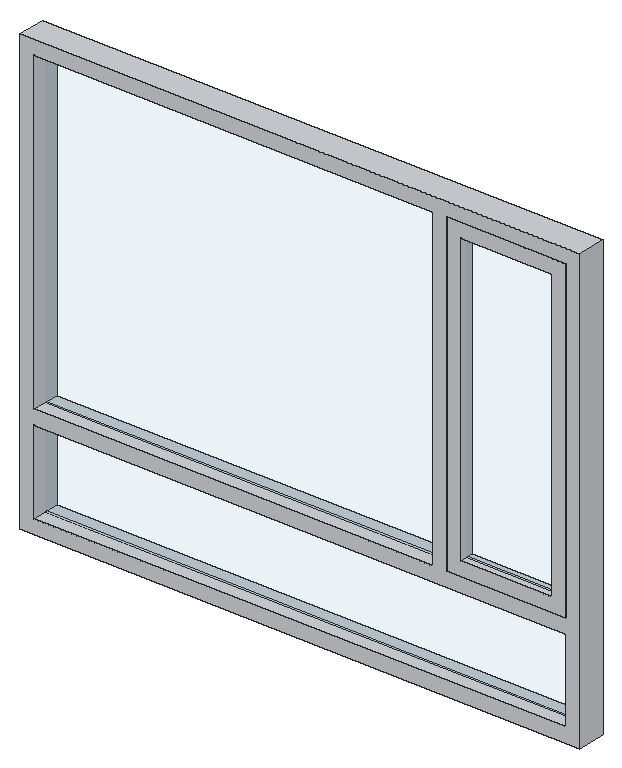
Revit family "W2_鋁窗1", category 窗, Revit 2014
Parameters (values of type "240 x 190 cm")
  熱阻 (R) = 0.271106 (m²·K)/W
  Visual Light Transmittance = 0.9
  Solar Heat Gain Coefficient = 0.78
  營造類型 Id = "GSP4R"
  Height = 1900 mm
  傳熱係數 (U) = 3.6886 W/(m²·K)
  預設窗台高度 = 450 mm
  關鍵註記 = "固定窗-矩形"
  Rough Height = Height  # 1900 mm
  Rough Width = Width  # 2400 mm
  玻璃材質 = 玻璃
  牆封閉 = 依主體
  Width = 2400 mm
  裝飾外框材料 = none
  裝飾外框寬度 = 60 mm
  裝飾外框厚度 = 60 mm
  解析營造 = "1/8 英吋 Pilkington 單層鑲嵌玻璃"
Reference planes
  plane 1: y = 0
  plane 2 "中心 (左/右)": x = 0
  plane 3 "左": x = -1200
  plane 4 "右": x = 1200
  plane 5 "窗台": z = 450
  plane 6 "標頭": z = 2350
  plane 7 "外部": y = 75
  plane 8 "內部": y = -75
  plane 9: z = 900
  plane 10: x = 600
Forms (mm)
  Extrusion 1, solid, material <- "裝飾外框材料"
    sketch origin (-5000, 0, 0) x (1, 0, 0) y (0, 0, 1)
      loop
        line (6200, 2350) -> (3800, 2350) -> (3800, 450) -> (6200, 450) -> (6200, 2350)
      loop
        line (6140, 2290) -> (5630, 2290) -> (5630, 930) -> (6140, 930) -> (6140, 2290)
      loop
        line (6140, 510) -> (6140, 870) -> (3860, 870) -> (3860, 510) -> (6140, 510)
      loop
        line (3860, 2290) -> (3860, 930) -> (5570, 930) -> (5570, 2290) -> (3860, 2290)
    from -60 to 60
  Extrusion 2, solid, material "玻璃" <- "玻璃材質"
    sketch origin (-5000, 0, 0) x (1, 0, 0) y (0, 0, 1)
      loop
        line (5570, 2290) -> (3860, 2290) -> (3860, 930) -> (5570, 930) -> (5570, 2290)
      loop
        line (3860, 870) -> (3860, 510) -> (6140, 510) -> (6140, 870) -> (3860, 870)
    from -5 to 5
Lines and regions (mm)
  Opening 1
    outline origin (3500, -75, 0) x (1, 0, 0) y (0, 0, 1)
      loop
        line (-2300, 450) -> (-2300, 2350) -> (-4700, 2350) -> (-4700, 450) -> (-2300, 450)
  symbolic lines, style "立面圖打開方向"
    curve 1: line (630, 0, 2290) -> (1140, 0, 1610)
    curve 2: line (1140, 0, 1610) -> (630, 0, 930)
Text (mm)
  text "外部" at (-1963.203, 1332.353, 0), in view "參考樓層"
  text "內部" at (-1981.466, -818.386, 0), in view "參考樓層"
  text "外部" at (0, 923.751, 2943.296), in view "右"
  text "外部" at (0, 1040.484, 2685.409), in view "左"
Dimensions and locks
  equal spacing: plane 3 "左", plane 2 "中心 (左/右)", plane 4 "右"
  "Width": plane 3 "左" to plane 4 "右"
  "Height": plane 5 "窗台" to plane 6 "標頭"
  "預設窗台高度": plane 5 "窗台" to level
  locked: plane 7 "外部" to host wall at 0
  locked: plane 8 "內部" to host wall
  locked: plane 5 "窗台" to plane 9 at 450
  locked: plane 4 "右" to plane 10 at 600
  aligned and locked: nested 1 to Extrusion 1  (x2)
  aligned and locked: Extrusion 1 to curve 1
  aligned and locked: curve 1 to Extrusion 1
Automatic sketch dimensions
  Opening 1 sketch curve to plane 3 "左" = 0 mm
  Opening 1 sketch curve to plane 4 "右" = 0 mm
  Opening 1 sketch curve to plane 5 "窗台" = 0 mm
  Opening 1 sketch curve to plane 6 "標頭" = 0 mm
  plane 3 "左" to Extrusion 1 sketch curve = 0 mm
  plane 4 "右" to Extrusion 1 sketch curve = 0 mm
  Extrusion 1 sketch curve to plane 5 "窗台" = 0 mm
  Extrusion 1 sketch curve to plane 6 "標頭" = 0 mm
  Extrusion 1 sketch curve to plane 3 "左" = 60 mm  (x2)
  plane 4 "右" to Extrusion 1 sketch curve = 60 mm  (x2)
  Extrusion 1 sketch curve to plane 5 "窗台" = 60 mm
  plane 6 "標頭" to Extrusion 1 sketch curve = 60 mm  (x2)
  Extrusion 1 sketch curve to plane 10 = 30 mm
  plane 9 to Extrusion 1 sketch curve = 30 mm  (x2)
  Extrusion 1 sketch curve to plane 9 = 30 mm
  plane 10 to Extrusion 1 sketch curve = 30 mm
  plane 4 "右" to Extrusion 2 sketch curve = 60 mm
  Extrusion 2 sketch curve to plane 5 "窗台" = 60 mm
  Extrusion 2 sketch curve to plane 10 = 30 mm
  Extrusion 2 sketch curve to plane 3 "左" = 60 mm  (x2)
  Extrusion 2 sketch curve to plane 9 = 30 mm
  plane 9 to Extrusion 2 sketch curve = 30 mm
  plane 6 "標頭" to Extrusion 2 sketch curve = 60 mm
  plane 9 to curve 1 = 710 mm
  plane 10 to curve 2 = 30 mm
  plane 9 to curve 2 = 30 mm
  plane 6 "標頭" to curve 1 = 60 mm
Nested families
  nested 1: "窗框" at (617.572, 919.367, -70), type "窗框"
    with Height 1360 mm, Width 510 mm
Definition of nested family "窗框"
  Parameters (values of type "窗框")
    Height [instance] = 500 mm
    護桿寬度 = 20 mm
    護桿厚度 = 10 mm
    Rough Height = 500 mm
    Rough Width = 600 mm
    Width [instance] = 600 mm
    裝飾外框材料 = none
    玻璃材質 = none
    玻璃厚度 = 10 mm
    裝飾外框寬度 = 60 mm
    裝飾外框厚度 = 60 mm
    Assembly Code = ""
  Reference planes
    plane 1 "中心 (前/後)": y = -919.367
    plane 2: z = 0
    plane 3 "中心 (左/右)": x = 267.428
    plane 4 "玻璃-上": y = -944.367
    plane 5 "玻璃-下": y = -954.367
    plane 6: y = -979.367
    plane 7: x = -32.572
    plane 8: x = 567.428
    plane 9: x = 27.428
    plane 10: x = 507.428
    plane 11: z = 1440
    plane 12: z = 1500
    plane 13: z = 1060
    plane 14: z = 1000
    plane 15: y = -949.367
  Forms (mm)
    Extrusion 1, solid, material <- "玻璃材質"
      sketch origin (-1499.274, -949.367, 1200) x (-1, 0, 0) y (0, 0, 1)
        loop
          line (-1526.702, 240) -> (-2006.702, 240) -> (-2006.702, -140) -> (-1526.702, -140) -> (-1526.702, 240)
      from -5 to 5
    Extrusion 2, solid, material <- "裝飾外框材料"
      sketch origin (-1499.274, -949.367, 1200) x (-1, 0, 0) y (0, 0, 1)
        loop
          line (-1466.702, 300) -> (-2066.702, 300) -> (-2066.702, -200) -> (-1466.702, -200) -> (-1466.702, 300)
        loop
          line (-1526.702, 240) -> (-2006.702, 240) -> (-2006.702, -140) -> (-1526.702, -140) -> (-1526.702, 240)
      from -30 to 30
  Dimensions and locks
    equal spacing: plane 10, plane 3 "中心 (左/右)", plane 9
    "裝飾外框寬度": plane 8 to plane 10
    "裝飾外框寬度": plane 9 to plane 7
    "裝飾外框寬度": plane 12 to plane 11
    "Width": plane 8 to plane 7
    "裝飾外框寬度": plane 13 to plane 14
    "Height": plane 12 to plane 14
    plane 14 to level = 1000 mm
    equal spacing: plane 4 "玻璃-上", plane 15, plane 5 "玻璃-下"
    "玻璃厚度": plane 4 "玻璃-上" to plane 5 "玻璃-下"
    equal spacing: plane 6, plane 15, plane 1 "中心 (前/後)"
    "裝飾外框厚度": plane 6 to plane 1 "中心 (前/後)"
    aligned and locked: Extrusion 1 sketch curve to plane 11
    aligned and locked: plane 9 to Extrusion 1 sketch curve
    aligned and locked: Extrusion 1 sketch curve to plane 10
    aligned and locked: plane 13 to Extrusion 1 sketch curve
    aligned and locked: plane 7 to Extrusion 2 sketch curve
    aligned and locked: Extrusion 2 sketch curve to plane 12
    aligned and locked: Extrusion 2 sketch curve to plane 8
    aligned and locked: plane 9 to Extrusion 2 sketch curve
    aligned and locked: plane 13 to Extrusion 2 sketch curve
    aligned and locked: Extrusion 2 sketch curve to plane 10
    aligned and locked: Extrusion 2 sketch curve to plane 11
    aligned and locked: Extrusion 2 sketch curve to plane 14
    aligned and locked: plane 2 to level
    aligned and locked: plane 6 to Extrusion 2
    aligned and locked: plane 1 "中心 (前/後)" to Extrusion 2
    aligned and locked: plane 5 "玻璃-下" to Extrusion 1
    aligned and locked: plane 4 "玻璃-上" to Extrusion 1
